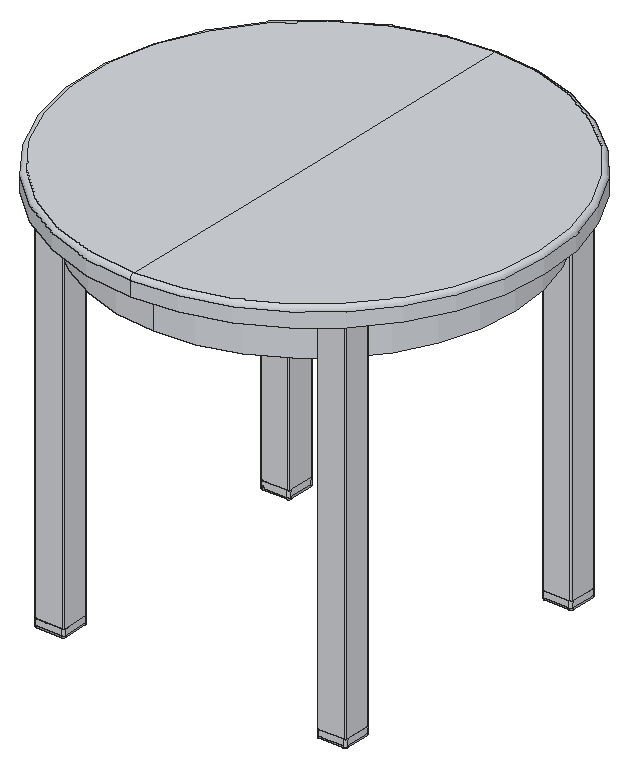
Revit family "Table-LaZBoy-K_Series-Round", category Furniture, Revit 2017
Family settings
  OmniClass Number = 23.40.20.00
  Work Plane-Based = No
  Always vertical = Yes
  Cut with Voids When Loaded = No
  Shared = No
  Room Calculation Point = No
Parameters (values of type "24"")
  URL = "https://www.la-z-boy.com/"
  Radius = Diameter / 2  # 12.00"
  Product Documentation Link = "URL"
  Model = "KOT24R"
  Manufacturer = "LaZBoy"
  Is36 = not(Is24)  # no
  Is24 = yes
  Int = Ext - 0.88"  # 9.62"
  Height = 21.00"
  Ext = Radius - 1.50"  # 10.50"
  Diameter = 24.00"
  Description = "Round Occasional Table"
  Copyright © = "Inc"
  Assembly Code = "E2020200"
  Table Material [instance] = none
Types (2): name | Radius | Model | Is36 | Is24 | Int | Height | Ext | Diameter
  24" | 12.00" | "KOT24R" | no | yes | 9.62" | 21.00" | 10.50" | 24.00"
  36" | 18.00" | "KOT36R" | yes | no | 15.62" | 16.00" | 16.50" | 36.00"
Reference planes (in)
  plane 1 "Center (Front/Back)": y = 0
  plane 2: z = 0
  plane 3 "Center (Left/Right)": x = 0
  plane 4: z = 21
  plane 5: z = 20
  plane 6: z = 17.75
  plane 7: x = -7.35
  plane 8: y = 7.35
  plane 9: y = -7.35
  plane 10: x = 7.35
  plane 11: x = -12
  plane 12: x = 12
  plane 13: y = 12
  plane 14: y = -12
Forms (in)
  Extrusion 1, solid, material <- "Table Material"
    sketch origin (-17, -60, 20) x (0, -1, 0) y (-1, 0, 0)
      loop
        circle (-60.00064, -16.99962) r 10.5
      loop
        circle (-60.00064, -16.99962) r 9.62
    from 0 to 2.25
  Revolve 2, solid, material <- "Table Material"
    sketch origin (0, 0, 0) x (0, 1, 0) y (0, 0, 1)
      loop
        line (0, 21) -> (0, 20) -> (12, 20) -> (12, 20.75)
        arc (12, 20.75) -> (11.92678, 20.92678) -> (11.75, 21) r 0.25
        line (11.75, 21) -> (0, 21)
      axis (0, 21) -> (0, 20)
    angle from 0 to 360
Lines and regions (in)
  Masking region 1
    outline origin (0, 0, 0) x (1, 0, 0) y (0, 1, 0)
      loop
        circle (-0.00038, 0.00064) r 12
Dimensions and locks (in)
  "Height": plane 4 to plane 2
  locked: plane 4 to plane 5 at 1
  locked: plane 6 to plane 5 at 2.25
  equal spacing: plane 9, plane 1 "Center (Front/Back)", plane 8
  equal spacing: plane 11, plane 3 "Center (Left/Right)", plane 12
  "Diameter": plane 11 to plane 12
  equal spacing: plane 7, plane 3 "Center (Left/Right)", plane 10
  equal spacing: plane 13, plane 1 "Center (Front/Back)", plane 14
  "Diameter": plane 13 to plane 14
  "Int": radius of Extrusion 1 sketch curve
  "Ext": radius of Extrusion 1 sketch curve
  "Radius": radius of Masking region 1 sketch curve
  aligned and locked: level to plane 2
  aligned and locked: plane 3 "Center (Left/Right)" to nested 1
  aligned and locked: plane 1 "Center (Front/Back)" to nested 1
  aligned and locked: nested 3 to plane 7
  aligned and locked: nested 3 to plane 9
  aligned and locked: plane 7 to nested 2
  aligned and locked: plane 8 to nested 2
  aligned and locked: plane 10 to nested 4
  aligned and locked: nested 4 to plane 8
  aligned and locked: plane 9 to nested 5
  aligned and locked: nested 5 to plane 10
  aligned and locked: plane 6 to Extrusion 1
  aligned and locked: plane 1 "Center (Front/Back)" to Revolve 2 sketch curve
  aligned and locked: Revolve 2 sketch curve to plane 5
  aligned and locked: plane 4 to Revolve 2 sketch curve
  aligned and locked: plane 13 to Revolve 2 sketch curve
  aligned and locked: Revolve 2 sketch curve to plane 1 "Center (Front/Back)"
Automatic sketch dimensions
  Extrusion 1 sketch curve to Extrusion 1 sketch curve = 0.00"  (x2)
  Extrusion 1 sketch curve to plane 1 "Center (Front/Back)" = 0.00064"
  Extrusion 1 sketch curve to plane 3 "Center (Left/Right)" = 0.00038"
  Revolve 2 sketch curve to Revolve 2 sketch curve = 0.25"
  Revolve 2 sketch curve to level = 20.5115"
  plane 4 to Revolve 2 sketch curve = 91.93206"
  Masking region 1 sketch curve to plane 3 "Center (Left/Right)" = 0.00038"
  Masking region 1 sketch curve to plane 1 "Center (Front/Back)" = 0.00064"
Nested families (in)
  nested 1: "Label 1-16" at (0, 0, 0), type "Center", detail levels fine
    with Offset (LR) 0.00"
  nested 2: "TableLeg-KSeries" at (-7.35, 7.35, 0), Height <- "Height", Leg Material <- "Table Material", visible <- "Is24", type "Leg"
    with Leg Material none, Height 21.00"
  nested 3: "TableLeg-KSeries" at (-7.35, -7.35, 0), Height <- "Height", Leg Material <- "Table Material", visible <- "Is24", type "Leg"
    with Leg Material none, Height 21.00"
  nested 4: "TableLeg-KSeries" at (7.35, 7.35, 0) x (-1, 0, 0) z (0, 0, 1), Height <- "Height", Leg Material <- "Table Material", visible <- "Is24", type "Leg"
    with Leg Material none, Height 21.00"
  nested 5: "TableLeg-KSeries" at (7.35, -7.35, 0) x (-1, 0, 0) z (0, 0, 1), Height <- "Height", Leg Material <- "Table Material", visible <- "Is24", type "Leg"
    with Leg Material none, Height 21.00"
  nested 6: "TableLeg-KSeries" at (-16.44267, 0.00064, 0) x (0.7072, 0.707, 0) z (0, 0, 1), visible <- "Is36", Height <- "Height", Leg Material <- "Table Material", type "Leg"
    with Leg Material none, Height 21.00"
  nested 7: "TableLeg-KSeries" at (-5.08133, 15.63818, 0) x (0.8909, -0.4541, 0) z (0, 0, 1), visible <- "Is36", Height <- "Height", Leg Material <- "Table Material", type "Leg"
    with Leg Material none, Height 21.00"
  nested 8: "TableLeg-KSeries" at (-5.08133, -15.6369, 0) x (-0.4539, 0.8911, 0) z (0, 0, 1), visible <- "Is36", Height <- "Height", Leg Material <- "Table Material", type "Leg"
    with Leg Material none, Height 21.00"
  nested 9: "TableLeg-KSeries" at (13.3017, -9.66389, 0) x (-0.9877, -0.1563, 0) z (0, 0, 1), visible <- "Is36", Height <- "Height", Leg Material <- "Table Material", type "Leg"
    with Leg Material none, Height 21.00"
  nested 10: "TableLeg-KSeries" at (13.3017, 9.66517, 0) x (-0.1566, -0.9877, 0) z (0, 0, 1), visible <- "Is36", Height <- "Height", Leg Material <- "Table Material", type "Leg"
    with Leg Material none, Height 21.00"
Definition of nested family "TableLeg-KSeries"
  Parameters (values of type "Leg")
    Leg Material [instance] = none
    Height [instance] = 15.955"
  Reference planes (in)
    plane 1 "Center (Front/Back)": y = 0
    plane 2: z = 0
    plane 3 "Center (Left/Right)": x = 0
    plane 4: z = 14.955
    plane 5: z = 15.955
  Forms (in)
    Extrusion 1, solid, material <- "Leg Material"
      sketch origin (0, 0, 0) x (1, 0, 0) y (0, 1, 0)
        loop
          line (0.69365, 0.75615) -> (-0.69365, 0.75615)
          arc (-0.69365, 0.75615) -> (-0.73785, 0.73785) -> (-0.75615, 0.69365) r 0.0625
          line (-0.75615, 0.69365) -> (-0.75615, -0.69365)
          arc (-0.75615, -0.69365) -> (-0.73785, -0.73785) -> (-0.69365, -0.75615) r 0.0625
          line (-0.69365, -0.75615) -> (0.69365, -0.75615)
          arc (0.69365, -0.75615) -> (0.73785, -0.73785) -> (0.75615, -0.69365) r 0.0625
          line (0.75615, -0.69365) -> (0.75615, 0.69365)
          arc (0.75615, 0.69365) -> (0.73785, 0.73785) -> (0.69365, 0.75615) r 0.0625
      from 0.455 to 14.955
    Extrusion 2, solid
      sketch origin (0, 0, 0) x (1, 0, 0) y (0, 1, 0)
        loop
          line (0.51319, 0.61335) -> (-0.51453, 0.61335)
          arc (-0.51453, 0.61335) -> (-0.58441, 0.58441) -> (-0.61335, 0.51453) r 0.09882
          line (-0.61335, 0.51453) -> (-0.61335, -0.51319)
          arc (-0.61335, -0.51319) -> (-0.58441, -0.58306) -> (-0.51453, -0.61201) r 0.09882
          line (-0.51453, -0.61201) -> (0.51319, -0.61201)
          arc (0.51319, -0.61201) -> (0.58306, -0.58306) -> (0.61201, -0.51319) r 0.09882
          line (0.61201, -0.51319) -> (0.61201, 0.51453)
          arc (0.61201, 0.51453) -> (0.58306, 0.58441) -> (0.51319, 0.61335) r 0.09882
      from 0 to 0.455
    Sweep 3, solid
      path origin (0, 0, 0) x (1, 0, 0) y (0, 1, 0)
        loop
          line (0.65268, 0.67585) -> (-0.65416, 0.67585)
          arc (-0.65416, 0.67585) -> (-0.6695, 0.6695) -> (-0.67585, 0.65416) r 0.02169
          line (-0.67585, 0.65416) -> (-0.67585, -0.65268)
          arc (-0.67585, -0.65268) -> (-0.6695, -0.66802) -> (-0.65416, -0.67437) r 0.02169
          line (-0.65416, -0.67437) -> (0.65268, -0.67437)
          arc (0.65268, -0.67437) -> (0.66802, -0.66802) -> (0.67437, -0.65268) r 0.02169
          line (0.67437, -0.65268) -> (0.67437, 0.65416)
          arc (0.67437, 0.65416) -> (0.66802, 0.6695) -> (0.65268, 0.67585) r 0.02169
      profile origin (-0.00074, 0.67585, 0) x (0, -1, 0) y (0, 0, 1)
        loop
          line (-0.09732, 0.455) -> (-0.09732, 0.125)
          spline (-0.09732, 0.125) -> (-0.09649, 0.10868) -> (-0.094, 0.09265) -> (-0.08991, 0.07716) -> (-0.08428, 0.0625) -> (-0.07721, 0.0489) -> (-0.06881, 0.03661) -> (-0.05924, 0.02583) -> (-0.04866, 0.01675) -> (-0.03724, 0.00952) -> (-0.02519, 0.00426) -> (-0.0127, 0.00107) -> (0, 0)
          line (0, 0) -> (0, 0.455) -> (-0.09732, 0.455)
  Dimensions and locks (in)
    Extrusion 1 sketch curve to Extrusion 1 sketch curve = 1.5123"  (x2)
    equal spacing: Extrusion 1 sketch curve, plane 3 "Center (Left/Right)", Extrusion 1 sketch curve
    equal spacing: Extrusion 1 sketch curve, plane 1 "Center (Front/Back)", Extrusion 1 sketch curve
    locked: plane 5 to plane 4 at 1
    "Height": plane 5 to plane 2
    aligned and locked: level to plane 2
    aligned and locked: Extrusion 1 to plane 4
  Automatic sketch dimensions
    Extrusion 1 sketch curve to Extrusion 1 sketch curve = 0.0625"  (x4)
    Extrusion 2 sketch curve to plane 3 "Center (Left/Right)" = 0.61335"
    Extrusion 2 sketch curve to Extrusion 2 sketch curve = 0.09882"  (x3)
    plane 3 "Center (Left/Right)" to Extrusion 2 sketch curve = 0.51319"  (x2)
    plane 1 "Center (Front/Back)" to Extrusion 2 sketch curve = 0.61201"
    Extrusion 2 sketch curve to plane 1 "Center (Front/Back)" = 0.51453"
    Sweep 3 sketch curve to plane 3 "Center (Left/Right)" = 0.67585"
    Sweep 3 sketch curve to Sweep 3 sketch curve = 0.02169"  (x3)
    plane 3 "Center (Left/Right)" to Sweep 3 sketch curve = 0.65268"  (x2)
    plane 1 "Center (Front/Back)" to Sweep 3 sketch curve = 0.67437"
    Sweep 3 sketch curve to plane 1 "Center (Front/Back)" = 0.65416"
    Sweep 3 sketch curve to level = 0.00"
    Sweep 3 sketch curve to profile plane = 0.00"
    profile plane to Sweep 3 sketch curve = 0.09732"
    level to Sweep 3 sketch curve = 0.455"
    level to Sweep 3 sketch curve = 0.125"
    Sweep 3 sketch curve to Sweep 3 sketch curve = 0.00"
Definition of nested family "Label 1-16"
  Parameters (values of type "Center")
    P_Width = 0.00"
    Text_Width = "Empty"
    Text_Height = "Empty"
    Text_Diameter = "Empty"
    Text_Depth = "Empty"
    Offset (LR) [instance] = 0.00"
    Model Name = "6961"
    P_Height = 0.00"
    Distance of Center (not Change) = 0.00"
    P_Diameter = 0.00"
    P_Depth = 0.00"
  Reference planes (in)
    plane 1: y = 0
    plane 2: x = 0
  Lines and regions (in)
    reference lines
      curve 1: line (-0.44359, 0, 0) -> (0.41085, 0, 0)
      curve 3: line (0, 0.32564, 0) -> (0, -0.40221, 0)
    reference lines, not visible
      curve 2: line (-0.44359, 0.09843, 0) -> (0.41085, 0.09843, 0)
      curve 4: line (0, 0.42407, 0) -> (0, -0.30379, 0)
  Text (in)
    label "Empty" at (0.00197, -0.0079, 0), shows "Model Name"
    label "Empty" at (0.00197, 0.09052, 0), shows "Model Name", not visible
  Dimensions and locks (in)
    "Distance of Center (not Change)": plane 1 to curve 1
    "Offset (LR)": curve 3 to plane 2
  Automatic sketch dimensions
    curve 1 to curve 3 = 0.44359"
    curve 3 to curve 1 = 0.41085"
    curve 3 to curve 1 = 0.40221"
    curve 1 to curve 3 = 0.32564"
    curve 2 to curve 4 = 0.44359"
    curve 4 to curve 2 = 0.41085"
    curve 4 to curve 2 = 0.40221"
    curve 2 to curve 4 = 0.32564"
